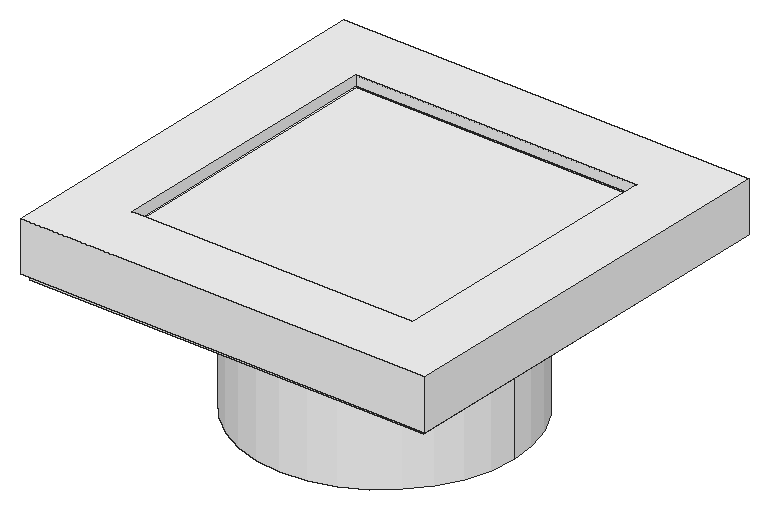
Revit family "Gira_0296005", category Electrical Fixtures, host Face, Revit 2017
Family settings
  Host = Face
  Maintain Annotation Orientation = Yes
  Round Connector Dimension = Use Diameter
  Part Type = Normal
  Cut with Voids When Loaded = No
  Shared = No
  Room Calculation Point = No
Parameters (values of type "Rocker System 55 black m")
  White [instance] = White
  URL = "http://katalog.gira.de/en/datenblatt.html?artikelnr=0296005"
  Name = "Rocker System 55 black m"
  Model = "Single rocker"
  Manufacturer URL = "https://www.gira.de/"
  Manufacturer = "Gira"
  HeinzeBIM = "https://bimportal.heinze.de/bim/rocker-system-55-black-m/5ca29e2e3103fb69b1d694036a8784c1c76f462b"
  HAN = "0296005"
  GTIN = "4010337038061"
  Description = "Rock. Sys55 BKm,Rocker,,black matt,"
  Default Elevation = 1219.2 mm
  Data sheet (1) = "https://katalog.gira.de/en/download.html?artikelnr=0296005"
  Category = "Control element/cover plate for domestic switching devices"
  BIM (1) = "https://media.stage.bim.site/public/gira/36a6b08/Sys55_Komplettgerät_Schalten und Tasten.rfa?public/gira/36a6b08/Sys55_Komplettgerät_Schalten und Tasten.rfa"
  Available = "No"
Reference planes
  plane 1 "Center (Front/Back)": y = 0
  plane 2: z = 0
  plane 3 "Center (Left/Right)": x = 0
Forms (mm)
  Extrusion 1, solid, material "White" <- "White", detail levels medium
    sketch origin (0, 0, 0) x (1, 0, 0) y (0, 1, 0)
      loop
        line (-40.4, 40.4) -> (-40.4, -40.4) -> (40.4, -40.4) -> (40.4, 40.4) -> (-40.4, 40.4)
      loop
        line (-28, 28) -> (-28, -28) -> (28, -28) -> (28, 28) -> (-28, 28)
    from 0 to 10
  Extrusion 2, solid, material "White" <- "White", detail levels fine
    sketch origin (0, 0, 0) x (1, 0, 0) y (0, 1, 0)
      loop
        line (-40.4, 40.4) -> (-40.4, -40.4) -> (40.4, -40.4) -> (40.4, 40.4) -> (-40.4, 40.4)
      loop
        line (-28, 28) -> (-28, -28) -> (28, -28) -> (28, 28) -> (-28, 28)
    from 0 to 10
  Extrusion 3, void
    sketch origin (0, 0, 0) x (1, 0, 0) y (0, 1, 0)
      loop
        line (-38.4, 38.4) -> (-38.4, -38.4) -> (38.4, -38.4) -> (38.4, 38.4) -> (-38.4, 38.4)
    from 0 to 8
  Extrusion 4, solid, material "White" <- "White", detail levels medium+fine
    sketch origin (0, 0, 0) x (1, 0, 0) y (0, 1, 0)
      loop
        line (-39.4, 39.4) -> (-39.4, -39.4) -> (39.4, -39.4) -> (39.4, 39.4) -> (-39.4, 39.4)
    from 0 to -1
  Extrusion 5, solid, material "White" <- "White", detail levels medium+fine
    sketch origin (0, 0, 0) x (1, 0, 0) y (0, 1, 0)
      loop
        line (-35.5, 35.5) -> (-35.5, -35.5) -> (35.5, -35.5) -> (35.5, 35.5) -> (-35.5, 35.5)
    from -2 to -3
  Extrusion 6, solid, material "White" <- "White", detail levels medium+fine
    sketch origin (0, 0, 0) x (1, 0, 0) y (0, 1, 0)
      loop
        circle (0, 0) r 26
    from 0 to -27.5
  Extrusion 7, solid, material "White" <- "White", detail levels coarse
    sketch origin (0, 0, 0) x (1, 0, 0) y (0, 1, 0)
      loop
        line (-40.4, 40.4) -> (-40.4, -40.4) -> (40.4, -40.4) -> (40.4, 40.4) -> (-40.4, 40.4)
    from -27.5 to 10
Cuts and joins
  Extrusion 3 cuts Extrusion 2
Dimensions and locks
  aligned and locked: plane 2 to host face
  aligned and locked: level to host face
  aligned and locked: plane 3 "Center (Left/Right)" to nested 2
  aligned and locked: plane 1 "Center (Front/Back)" to nested 2
Nested families
  nested 1: "Sys55_Abdeckung_Schalten und Tasten_floor_base" at (0, 0, 0), type "Sys55_Abdeckung_Schalten und Tasten_floor_base"
  nested 2: "Schalter" at (0, 0, 0), type "Schalter"
Connectors
  electrical at (0, 0, -27.5)
    settings: on Extrusion 6, index 1, voltage 220 V, apparent load 0 VA, apparent load phase1 0 VA, apparent load phase2 0 VA, apparent load phase3 0 VA, power factor 1, load classification "Other", number of poles 1, system type 30, power factor state 1, is connector primary yes, connector utility no, sub classification motor no, connector description ""
Definition of nested family "Sys55_Abdeckung_Schalten und Tasten_floor_base"
  Parameters
    Default Elevation = 1219.2 mm
    White [instance] = none
  Reference planes
    plane 1 "Center (Front/Back)": y = 0
    plane 2: z = 0
    plane 3 "Center (Left/Right)": x = 0
  Forms (mm)
    Extrusion 1, solid
      sketch origin (0, 0, 0) x (1, 0, 0) y (0, 1, 0)
        loop
          line (-1219.2, 1219.2) -> (-1219.2, -1219.2) -> (1219.2, -1219.2) -> (1219.2, 1219.2) -> (-1219.2, 1219.2)
      from 0 to -304.8
    Extrusion 2, solid, material <- "White", detail levels fine
      sketch origin (0, 0, 0) x (1, 0, 0) y (0, 1, 0)
        loop
          line (-27.5, 27.5) -> (-27.5, -27.5) -> (27.5, -27.5) -> (27.5, 27.5) -> (-27.5, 27.5)
      from 0 to 8
    Extrusion 3, void
      sketch origin (0, 0, 0) x (1, 0, 0) y (0, 1, 0)
        loop
          line (26, 26) -> (-26, 26) -> (-26, -26) -> (26, -26) -> (26, 26)
      from 0 to 6
    Extrusion 4, solid, material <- "White", detail levels medium
      sketch origin (0, 0, 0) x (1, 0, 0) y (0, 1, 0)
        loop
          line (-27.5, 27.5) -> (-27.5, -27.5) -> (27.5, -27.5) -> (27.5, 27.5) -> (-27.5, 27.5)
      from 0 to 8
    Extrusion 5, solid, material <- "White", detail levels medium
      sketch origin (0, 0, 0) x (1, 0, 0) y (0, 1, 0)
        loop
          line (11, -17.5) -> (11, 17.5) -> (-11, 17.5) -> (-11, -17.5) -> (11, -17.5)
      from -6 to 6
    Extrusion 6, solid, material <- "White", detail levels fine
      sketch origin (0, 0, 0) x (1, 0, 0) y (0, 1, 0)
        loop
          line (11, 17.5) -> (-11, 17.5) -> (-11, 16.5) -> (11, 16.5) -> (11, 17.5)
        loop
          line (-11, -16.5) -> (-11, -17.5) -> (11, -17.5) -> (11, -16.5) -> (-11, -16.5)
      from -4 to 6
    Extrusion 7, solid, material <- "White", detail levels fine
      sketch origin (0, 0, 0) x (1, 0, 0) y (0, 1, 0)
        loop
          arc (5, 9.347) -> (0, 10.6) -> (-5, 9.347) r 10.6
          line (-5, 9.347) -> (-5, -9.347)
          arc (-5, -9.347) -> (0, -10.6) -> (5, -9.347) r 10.6
          line (5, -9.347) -> (5, 9.347)
      from -6 to 6
    Extrusion 8, solid, material <- "White", detail levels coarse
      sketch origin (0, 0, 0) x (1, 0, 0) y (0, 1, 0)
        loop
          line (-27.5, 27.5) -> (-27.5, -27.5) -> (27.5, -27.5) -> (27.5, 27.5) -> (-27.5, 27.5)
      from -6 to 8
  Cuts and joins
    Extrusion 3 cuts Extrusion 2
  Dimensions and locks
    aligned and locked: plane 2 to Extrusion 1
    aligned and locked: level to Extrusion 1
Definition of nested family "Schalter"
  Reference planes
    plane 1: y = 0
    plane 2: x = 0
  Lines and regions (mm)
    detail lines
      curve 1: circle (1.375, 2.778, 0) r 0.8 normal (0, 0, 1)
      curve 2: line (1.021, 2.061, 0) -> (0, 0, 0)
      curve 3: line (0, 0, 0) -> (-0.538, 0.266, 0)
  Dimensions and locks
    curve 2 to curve 2 = 2.3 mm
    curve 3 to curve 2 = 0.6 mm
    radius of curve 1 = 0.8 mm
